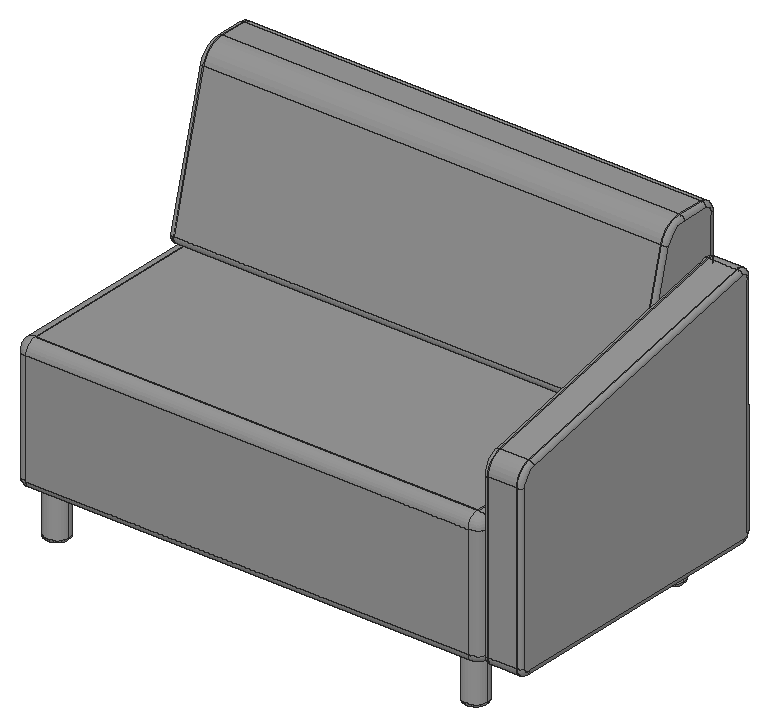
Revit family "7500CLH Loveseat Left Arm - Kids", category Generic Models, Revit 2018
Family settings
  Can host rebar = No
  Round Connector Dimension = Use Diameter
  Part Type = Normal
  Work Plane-Based = No
  Always vertical = Yes
  Cut with Voids When Loaded = No
  Shared = No
  Room Calculation Point = No
Parameters
  Top Fabric = 7500CLH Top Fabric
  Bottom Fabric = 7500CLH Bottom Fabric
  Arm Fabric = 7500CLH Arm Fabric
Reference planes (in)
  plane 1 "Center (Front/Back)": y = 0
  plane 2: z = 0
  plane 3 "Center (Left/Right)": x = 0
Forms (in)
  Extrusion 1, solid, material "7500CLH Bottom Fabric" <- "Bottom Fabric"
    sketch origin (0, 0, 0) x (1, 0, 0) y (0, 1, 0)
      loop
        arc (-18.47909, 11.25066) -> (-18.49388, 11.24454) -> (-18.5, 11.22975) r 0.02091
        line (-18.5, 11.22975) -> (-18.5, -11.22975)
        arc (-18.5, -11.22975) -> (-18.49426, -11.2436) -> (-18.48041, -11.24934) r 0.01959
        line (-18.48041, -11.24934) -> (18.48041, -11.24934)
        arc (18.48041, -11.24934) -> (18.49426, -11.2436) -> (18.5, -11.22975) r 0.01959
        line (18.5, -11.22975) -> (18.5, 11.22975)
        arc (18.5, 11.22975) -> (18.49388, 11.24454) -> (18.47909, 11.25066) r 0.02091
        line (18.47909, 11.25066) -> (-18.47909, 11.25066)
    from 4 to 15
  Sweep 2, solid, material "7500CLH Bottom Fabric" <- "Bottom Fabric"
    path origin (0, 0, 0) x (1, 0, 0) y (0, 1, 0)
      loop
        line (18.47909, 11.25066) -> (-18.47909, 11.25066)
        arc (-18.47909, 11.25066) -> (-18.49388, 11.24454) -> (-18.5, 11.22975) r 0.02091
        line (-18.5, 11.22975) -> (-18.5, -11.22975)
        arc (-18.5, -11.22975) -> (-18.49426, -11.2436) -> (-18.48041, -11.24934) r 0.01959
        line (-18.48041, -11.24934) -> (18.48041, -11.24934)
        arc (18.48041, -11.24934) -> (18.49426, -11.2436) -> (18.5, -11.22975) r 0.01959
        line (18.5, -11.22975) -> (18.5, 11.22975)
        arc (18.5, 11.22975) -> (18.49388, 11.24454) -> (18.47909, 11.25066) r 0.02091
    profile origin (0, 11.25066, 0) x (0, -1, 0) y (0, 0, 1)
      loop
        arc (0, 15) -> (-0.70711, 14.70711) -> (-1, 14) r 1
        line (-1, 14) -> (-1, 4.61745)
        arc (-1, 4.61745) -> (-0.85933, 4.22019) -> (-0.5, 4) r 0.63124
        line (-0.5, 4) -> (0, 4) -> (0, 15)
  Revolve 3, solid, material "7000C Frame"
    sketch origin (-9.75, -10.24934, 0) x (1, 0, 0) y (0, 0, 1)
      loop
        line (-7.75, 4) -> (-7.75, 0) -> (-6.95, 0)
        arc (-6.95, 0) -> (-6.80858, 0.05858) -> (-6.75, 0.2) r 0.2
        line (-6.75, 0.2) -> (-6.75, 4) -> (-7.75, 4)
      axis (-7.75, 4) -> (-7.75, 0)
    angle from 0 to 360
  Revolve 4, solid, material "7000C Frame"
    sketch origin (9.75, -10.24934, 0) x (-1, 0, 0) y (0, 0, -1)
      loop
        line (-7.75, -4) -> (-6.75, -4) -> (-6.75, -0.2)
        arc (-6.75, -0.2) -> (-6.80858, -0.05858) -> (-6.95, 0) r 0.2
        line (-6.95, 0) -> (-7.75, 0) -> (-7.75, -4)
      axis (-7.75, -4) -> (-7.75, 0)
    angle from 0 to 360
  Revolve 5, solid, material "7000C Frame"
    sketch origin (-9.75, 10.24934, 0) x (1, 0, 0) y (0, 0, -1)
      loop
        line (-7.75, -4) -> (-6.75, -4) -> (-6.75, -0.2)
        arc (-6.75, -0.2) -> (-6.80858, -0.05858) -> (-6.95, 0) r 0.2
        line (-6.95, 0) -> (-7.75, 0) -> (-7.75, -4)
      axis (-7.75, -4) -> (-7.75, 0)
    angle from 0 to 360
  Revolve 6, solid, material "7000C Frame"
    sketch origin (9.75, 10.24934, 0) x (-1, 0, 0) y (0, 0, 1)
      loop
        line (-7.75, 4) -> (-7.75, 0) -> (-6.95, 0)
        arc (-6.95, 0) -> (-6.80858, 0.05858) -> (-6.75, 0.2) r 0.2
        line (-6.75, 0.2) -> (-6.75, 4) -> (-7.75, 4)
      axis (-7.75, 4) -> (-7.75, 0)
    angle from 0 to 360
  Extrusion 7, solid, material "7500CLH Top Fabric" <- "Top Fabric"
    sketch origin (0, 0, 0) x (0, 1, 0) y (0, 0, 1)
      loop
        line (12.25066, 15.5) -> (12.25066, 27.5)
        arc (12.25066, 27.5) -> (11.95777, 28.20711) -> (11.25066, 28.5) r 1
        line (11.25066, 28.5) -> (8.98349, 28.5)
        arc (8.98349, 28.5) -> (7.77094, 28.09051) -> (7.05491, 27.02973) r 2
        line (7.05491, 27.02973) -> (3.92437, 15.63243)
        arc (3.92437, 15.63243) -> (4.00889, 15.19686) -> (4.40652, 15) r 0.5
        line (4.40652, 15) -> (11.75066, 15)
        arc (11.75066, 15) -> (12.10421, 15.14645) -> (12.25066, 15.5) r 0.5
    from -19.115 to 19.115
  Extrusion 8, solid, material "7500CLH Top Fabric" <- "Top Fabric"
    sketch origin (-9.75, 0, 0) x (0, 1, 0) y (0, 0, 1)
      loop
        arc (11.75066, 15.4) -> (11.82137, 15.42929) -> (11.85066, 15.5) r 0.1
        line (11.85066, 15.5) -> (11.85066, 27.5)
        arc (11.85066, 27.5) -> (11.67492, 27.92426) -> (11.25066, 28.1) r 0.6
        line (11.25066, 28.1) -> (8.98349, 28.1)
        arc (8.98349, 28.1) -> (8.01345, 27.77241) -> (7.44063, 26.92378) r 1.6
        line (7.44063, 26.92378) -> (4.31009, 15.52649)
        arc (4.31009, 15.52649) -> (4.32699, 15.43937) -> (4.40652, 15.4) r 0.1
        line (4.40652, 15.4) -> (11.75066, 15.4)
    from -9.75 to -9.365
  Sweep 9, solid, material "7500CLH Top Fabric" <- "Top Fabric"
    path origin (-9.75, 0, 0) x (0, 1, 0) y (0, 0, 1)
      loop
        line (11.85066, 15.5) -> (11.85066, 27.5)
        arc (11.85066, 27.5) -> (11.67492, 27.92426) -> (11.25066, 28.1) r 0.6
        line (11.25066, 28.1) -> (8.98349, 28.1)
        arc (8.98349, 28.1) -> (8.01345, 27.77241) -> (7.44063, 26.92378) r 1.6
        line (7.44063, 26.92378) -> (4.31009, 15.52649)
        arc (4.31009, 15.52649) -> (4.32699, 15.43937) -> (4.40652, 15.4) r 0.1
        line (4.40652, 15.4) -> (11.75066, 15.4)
        arc (11.75066, 15.4) -> (11.82137, 15.42929) -> (11.85066, 15.5) r 0.1
    profile origin (-9.75, 11.85066, 21.5) x (0, -1, 0) y (1, 0, 0)
      loop
        arc (-0.4, -9.365) -> (-0.27759, -9.63811) -> (0, -9.75) r 0.40029
        line (0, -9.75) -> (0, -9.365) -> (-0.4, -9.365)
  Extrusion 10, solid, material "7500CLH Top Fabric" <- "Top Fabric"
    sketch origin (9.75, 0, 0) x (0, 1, 0) y (0, 0, -1)
      loop
        line (11.75066, -15.4) -> (4.40652, -15.4)
        arc (4.40652, -15.4) -> (4.32699, -15.43937) -> (4.31009, -15.52649) r 0.1
        line (4.31009, -15.52649) -> (7.44063, -26.92378)
        arc (7.44063, -26.92378) -> (8.01345, -27.77241) -> (8.98349, -28.1) r 1.6
        line (8.98349, -28.1) -> (11.25066, -28.1)
        arc (11.25066, -28.1) -> (11.67492, -27.92426) -> (11.85066, -27.5) r 0.6
        line (11.85066, -27.5) -> (11.85066, -15.5)
        arc (11.85066, -15.5) -> (11.82137, -15.42929) -> (11.75066, -15.4) r 0.1
    from -9.75 to -9.365
  Sweep 11, solid, material "7500CLH Top Fabric" <- "Top Fabric"
    path origin (9.75, 0, 0) x (0, 1, 0) y (0, 0, -1)
      loop
        arc (11.85066, -15.5) -> (11.82137, -15.42929) -> (11.75066, -15.4) r 0.1
        line (11.75066, -15.4) -> (4.40652, -15.4)
        arc (4.40652, -15.4) -> (4.32699, -15.43937) -> (4.31009, -15.52649) r 0.1
        line (4.31009, -15.52649) -> (7.44063, -26.92378)
        arc (7.44063, -26.92378) -> (8.01345, -27.77241) -> (8.98349, -28.1) r 1.6
        line (8.98349, -28.1) -> (11.25066, -28.1)
        arc (11.25066, -28.1) -> (11.67492, -27.92426) -> (11.85066, -27.5) r 0.6
        line (11.85066, -27.5) -> (11.85066, -15.5)
    profile origin (9.75, 11.85066, 21.5) x (0, 1, 0) y (-1, 0, 0)
      loop
        line (0.4, -9.365) -> (0, -9.365) -> (0, -9.75)
        arc (0, -9.75) -> (0.27759, -9.63811) -> (0.4, -9.365) r 0.40029
Dimensions and locks (in)
  aligned and locked: plane 2 to level
Nested families (in)
  nested 1: "Kids Arm" at (21.09716, 0, 0) x (-1, 0, 0) z (0, 0, 1), type "Kids Arm"
Definition of nested family "Kids Arm"
  Parameters (values of type "Kids Arm")
    Arm Fabric = none
  Reference planes (in)
    plane 1 "Center (Front/Back)": y = 0
    plane 2: z = 0
    plane 3 "Center (Left/Right)": x = 0
  Forms (in)
    Extrusion 1, solid, material <- "Arm Fabric"
      sketch origin (0, 0, 0) x (0, 1, 0) y (0, 0, 1)
        loop
          line (11.0306, 24.58996) -> (-10.73881, 19.87326)
          arc (-10.73881, 19.87326) -> (-11.64541, 19.31401) -> (-12, 18.30954) r 1.6
          line (-12, 18.30954) -> (-12, 4.8)
          arc (-12, 4.8) -> (-11.76569, 4.23431) -> (-11.2, 4) r 0.8
          line (-11.2, 4) -> (11.2, 4)
          arc (11.2, 4) -> (11.76569, 4.23431) -> (12, 4.8) r 0.8
          line (12, 4.8) -> (12, 23.8081)
          arc (12, 23.8081) -> (11.70223, 24.43081) -> (11.0306, 24.58996) r 0.8
      from -1.19716 to 1.19716
    Extrusion 2, solid, material <- "Arm Fabric"
      sketch origin (0, 0, 0) x (0, 1, 0) y (0, 0, 1)
        loop
          arc (-10.6541, 19.48233) -> (-11.33406, 19.06289) -> (-11.6, 18.30954) r 1.2
          line (-11.6, 18.30954) -> (-11.6, 4.8)
          arc (-11.6, 4.8) -> (-11.48284, 4.51716) -> (-11.2, 4.4) r 0.4
          line (-11.2, 4.4) -> (11.2, 4.4)
          arc (11.2, 4.4) -> (11.48284, 4.51716) -> (11.6, 4.8) r 0.4
          line (11.6, 4.8) -> (11.6, 23.8081)
          arc (11.6, 23.8081) -> (11.45112, 24.11946) -> (11.1153, 24.19903) r 0.4
          line (11.1153, 24.19903) -> (-10.6541, 19.48233)
      from -1.59716 to -1.19716
    Sweep 3, solid, material <- "Arm Fabric"
      path origin (0, 0, 0) x (0, 1, 0) y (0, 0, 1)
        loop
          line (11.6, 4.8) -> (11.6, 23.8081)
          arc (11.6, 23.8081) -> (11.45112, 24.11946) -> (11.1153, 24.19903) r 0.4
          line (11.1153, 24.19903) -> (-10.6541, 19.48233)
          arc (-10.6541, 19.48233) -> (-11.33406, 19.06289) -> (-11.6, 18.30954) r 1.2
          line (-11.6, 18.30954) -> (-11.6, 4.8)
          arc (-11.6, 4.8) -> (-11.48284, 4.51716) -> (-11.2, 4.4) r 0.4
          line (-11.2, 4.4) -> (11.2, 4.4)
          arc (11.2, 4.4) -> (11.48284, 4.51716) -> (11.6, 4.8) r 0.4
      profile origin (0, 11.6, 14.30405) x (0, -1, 0) y (1, 0, 0)
        loop
          line (0, -1.19716) -> (-0.4, -1.19716)
          arc (-0.4, -1.19716) -> (-0.28284, -1.48) -> (0, -1.59716) r 0.4
          line (0, -1.59716) -> (0, -1.19716)
    Extrusion 4, solid, material <- "Arm Fabric"
      sketch origin (0, 0, 0) x (0, 1, 0) y (0, 0, -1)
        loop
          line (-10.6541, -19.48233) -> (11.1153, -24.19903)
          arc (11.1153, -24.19903) -> (11.45112, -24.11946) -> (11.6, -23.8081) r 0.4
          line (11.6, -23.8081) -> (11.6, -4.8)
          arc (11.6, -4.8) -> (11.48284, -4.51716) -> (11.2, -4.4) r 0.4
          line (11.2, -4.4) -> (-11.2, -4.4)
          arc (-11.2, -4.4) -> (-11.48284, -4.51716) -> (-11.6, -4.8) r 0.4
          line (-11.6, -4.8) -> (-11.6, -18.30954)
          arc (-11.6, -18.30954) -> (-11.33406, -19.06289) -> (-10.6541, -19.48233) r 1.2
      from -1.59716 to -1.19716
    Sweep 5, solid, material <- "Arm Fabric"
      path origin (0, 0, 0) x (0, 1, 0) y (0, 0, -1)
        loop
          arc (11.6, -4.8) -> (11.48284, -4.51716) -> (11.2, -4.4) r 0.4
          line (11.2, -4.4) -> (-11.2, -4.4)
          arc (-11.2, -4.4) -> (-11.48284, -4.51716) -> (-11.6, -4.8) r 0.4
          line (-11.6, -4.8) -> (-11.6, -18.30954)
          arc (-11.6, -18.30954) -> (-11.33406, -19.06289) -> (-10.6541, -19.48233) r 1.2
          line (-10.6541, -19.48233) -> (11.1153, -24.19903)
          arc (11.1153, -24.19903) -> (11.45112, -24.11946) -> (11.6, -23.8081) r 0.4
          line (11.6, -23.8081) -> (11.6, -4.8)
      profile origin (0, 11.6, 14.30405) x (0, 1, 0) y (-1, 0, 0)
        loop
          line (0, -1.19716) -> (0, -1.59716)
          arc (0, -1.59716) -> (0.28284, -1.48) -> (0.4, -1.19716) r 0.4
          line (0.4, -1.19716) -> (0, -1.19716)
  Dimensions and locks (in)
    aligned and locked: plane 2 to level
